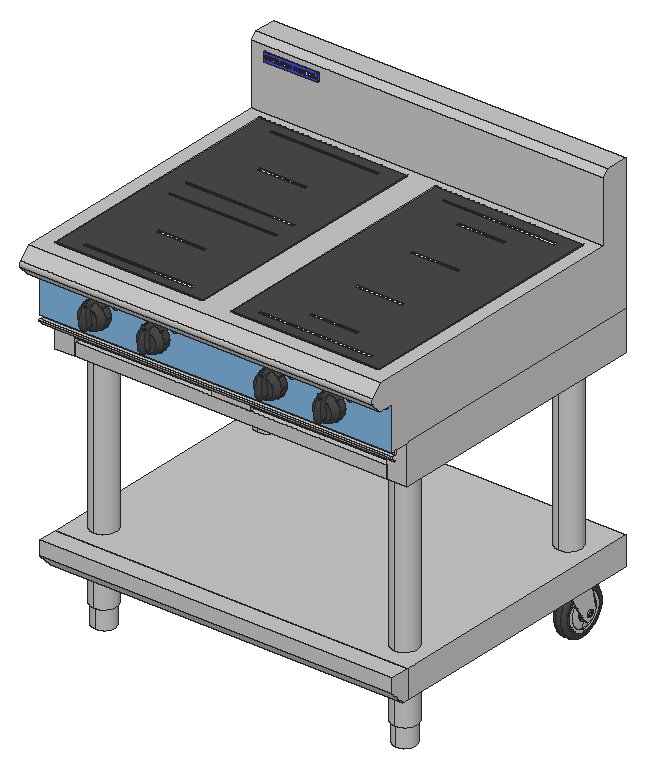
Revit family "QF_Moffat_IN514R5F-LS_Induction_Cooktop_cat", category Specialty Equipment, Revit 2019 (continued)
Definition of nested family "QF_LOGO_BLue Seal"
  Automatic sketch dimensions
    Extrusion 2 sketch curve to Extrusion 2 sketch curve = 4.362 mm
    Extrusion 2 sketch curve to Extrusion 2 sketch curve = 3.517 mm
    Extrusion 2 sketch curve to Extrusion 2 sketch curve = 3.787 mm  (x2)
    Extrusion 2 sketch curve to Extrusion 2 sketch curve = 4.787 mm  (x2)
    Extrusion 2 sketch curve to Extrusion 2 sketch curve = 4.588 mm  (x2)
    Extrusion 2 sketch curve to Extrusion 2 sketch curve = 1.798 mm
    Extrusion 2 sketch curve to Extrusion 2 sketch curve = 1.956 mm
    Extrusion 2 sketch curve to Extrusion 2 sketch curve = 3.735 mm
    Extrusion 2 sketch curve to Extrusion 2 sketch curve = 1.146 mm
    Extrusion 2 sketch curve to Extrusion 2 sketch curve = 3.631 mm
    Extrusion 2 sketch curve to Extrusion 2 sketch curve = 3.713 mm
    Extrusion 2 sketch curve to Extrusion 2 sketch curve = 0.959 mm
    Extrusion 2 sketch curve to Extrusion 2 sketch curve = 1.688 mm
    Extrusion 2 sketch curve to plane 7 "Center Y" = 3.94 mm
    plane 7 "Center Y" to Extrusion 2 sketch curve = 0.777 mm
    plane 7 "Center Y" to Extrusion 2 sketch curve = 0.845 mm
    plane 7 "Center Y" to Extrusion 2 sketch curve = 0.988 mm
    Extrusion 2 sketch curve to Extrusion 2 sketch curve = 7.327 mm
    Extrusion 2 sketch curve to Extrusion 2 sketch curve = 4.556 mm
    Extrusion 2 sketch curve to Extrusion 2 sketch curve = 3.087 mm
    Extrusion 2 sketch curve to Extrusion 2 sketch curve = 4.657 mm  (x2)
    Extrusion 2 sketch curve to Extrusion 2 sketch curve = 0.004 mm
    Extrusion 2 sketch curve to Extrusion 2 sketch curve = 0.996 mm
    Extrusion 2 sketch curve to Extrusion 2 sketch curve = 1.402 mm
    Extrusion 2 sketch curve to Extrusion 2 sketch curve = 5.025 mm
    Extrusion 2 sketch curve to Extrusion 2 sketch curve = 4.717 mm
    Extrusion 2 sketch curve to Extrusion 2 sketch curve = 4.785 mm
    Extrusion 2 sketch curve to Extrusion 2 sketch curve = 0.211 mm
    Extrusion 2 sketch curve to Extrusion 2 sketch curve = 2.578 mm
    Extrusion 2 sketch curve to Extrusion 2 sketch curve = 3.936 mm
    Extrusion 2 sketch curve to Extrusion 2 sketch curve = 0.5 mm  (x2)
    Extrusion 2 sketch curve to Extrusion 2 sketch curve = 1.76 mm
    Extrusion 2 sketch curve to Extrusion 2 sketch curve = 2.76 mm
    Extrusion 2 sketch curve to Extrusion 2 sketch curve = 3.875 mm
    Extrusion 2 sketch curve to Extrusion 2 sketch curve = 4.875 mm
    Extrusion 2 sketch curve to Extrusion 2 sketch curve = 1.717 mm
    level to Extrusion 2 sketch curve = 7.169 mm  (x6)
    level to Extrusion 2 sketch curve = 7.227 mm
    Extrusion 2 sketch curve to Extrusion 2 sketch curve = 0.003 mm
    Extrusion 2 sketch curve to Extrusion 2 sketch curve = 0.983 mm  (x2)
    Extrusion 2 sketch curve to Extrusion 2 sketch curve = 1.01 mm  (x2)
    Extrusion 2 sketch curve to Extrusion 2 sketch curve = 1.376 mm
    Extrusion 2 sketch curve to Extrusion 2 sketch curve = 0.588 mm
    Extrusion 2 sketch curve to Extrusion 2 sketch curve = 0.966 mm
    Extrusion 2 sketch curve to Extrusion 2 sketch curve = 2.037 mm  (x2)
    Extrusion 2 sketch curve to Extrusion 2 sketch curve = 0.772 mm  (x2)
    Extrusion 2 sketch curve to Extrusion 2 sketch curve = 1.539 mm
    Extrusion 2 sketch curve to Extrusion 2 sketch curve = 0.961 mm
    Extrusion 2 sketch curve to Extrusion 2 sketch curve = 1.28 mm  (x2)
    Extrusion 2 sketch curve to Extrusion 2 sketch curve = 1.878 mm
    Extrusion 2 sketch curve to Extrusion 2 sketch curve = 2.905 mm
    Extrusion 2 sketch curve to Extrusion 2 sketch curve = 3.969 mm
    Extrusion 2 sketch curve to Extrusion 2 sketch curve = 0.84 mm  (x2)
    Extrusion 2 sketch curve to Extrusion 2 sketch curve = 2.448 mm
    Extrusion 2 sketch curve to Extrusion 2 sketch curve = 2.202 mm
    Extrusion 2 sketch curve to Extrusion 2 sketch curve = 2.222 mm
    Extrusion 2 sketch curve to Extrusion 2 sketch curve = 1.332 mm
    Extrusion 2 sketch curve to Extrusion 2 sketch curve = 1.12 mm  (x2)
    Extrusion 2 sketch curve to Extrusion 2 sketch curve = 0.929 mm
    Extrusion 2 sketch curve to Extrusion 2 sketch curve = 1.051 mm  (x2)
    Extrusion 2 sketch curve to Extrusion 2 sketch curve = 5.129 mm  (x2)
    Extrusion 2 sketch curve to Extrusion 2 sketch curve = 4.147 mm
    Extrusion 2 sketch curve to Extrusion 2 sketch curve = 0.516 mm
    plane 3 "LEFT" to Extrusion 2 sketch curve = 3.555 mm
    plane 3 "LEFT" to Extrusion 3 sketch curve = 8.107 mm
    Extrusion 3 sketch curve to Extrusion 3 sketch curve = 0.182 mm
    level to Extrusion 3 sketch curve = 7.231 mm
    Extrusion 3 sketch curve to Extrusion 3 sketch curve = 3.969 mm
    Extrusion 4 sketch curve to plane 3 "LEFT" = 8.107 mm
    Extrusion 4 sketch curve to Extrusion 4 sketch curve = 0.088 mm
    Extrusion 4 sketch curve to level = 7.227 mm
    Extrusion 4 sketch curve to Extrusion 4 sketch curve = 3.972 mm
Definition of nested family "6 INCHES 02_CASTER"
  Parameters (values of type "6 INCHES 02_CASTER")
    Weight = ""
    URL Manufacturer = ""
    URL Cutsheet = ""
    URL = ""
    Type Mark [instance] = ""
    Specification by User [instance] = ""
    Specification by Manufacturer = ""
    Show Casters [instance] = yes
    Serial Number = ""
    Seismic Rating = ""
    SMACNA No = ""
    Revision Code [instance] = ""
    Omniclass Number and Title = ""
    NAFEM Spec ID Number = ""
    Model = ""
    MasterSpec. = ""
    Manufacturer = ""
    Item Number [instance] = ""
    Installed By [instance] = ""
    Identify Quantity as Lot [instance] = yes
    Furnished By [instance] = ""
    Foodservice Equipment Identifier [instance] = yes
    Description = ""
    CSI MasterFormat = ""
    CSI Master Format = ""
  Reference planes
    plane 1 "BACK": y = 0
    plane 2: z = 0
    plane 3 "LEFT": x = 0
    plane 4 "RIGHT": x = 0
    plane 5 "FRONT": y = 0
    plane 6 "TOP": z = 150
  Forms (mm)
    Revolve 1, solid, visible <- "Show Casters"
      sketch origin (-56.335, 0, -6.35) x (-1, 0, 0) y (0, 0, 1)
        loop
          line (-56.335, 152.4) -> (-56.335, 141.118) -> (-23.798, 141.118) -> (-23.798, 152.4) -> (-56.335, 152.4)
        axis (-56.335, 141.118) -> (-56.335, 152.4)
      angle from 0 to 360
    Extrusion 2, solid, visible <- "Show Casters"
      sketch origin (6.501, 53.083, -4.762) x (0, 1, 0) y (0, 0, 1)
        loop
          line (-85.799, 139.531) -> (-85.799, 133.181) -> (-42.478, 58.614)
          arc (-42.478, 58.614) -> (-16.638, 50.199) -> (-6.442, 75.39) r 19.923
          line (-6.442, 75.39) -> (-20.366, 139.531) -> (-85.799, 139.531)
      from 20.058 to 22.923
    Extrusion 3, solid, visible <- "Show Casters"
      sketch origin (0, 0, 146.05) x (0, 1, 0) y (-1, 0, 0)
        loop
          circle (0, 0) r 19.05
      from 0 to 3.95
    Extrusion 4, solid, visible <- "Show Casters"
      sketch origin (-6.501, 53.083, -4.762) x (0, 1, 0) y (0, 0, -1)
        loop
          line (-85.799, -133.181) -> (-85.799, -139.531) -> (-20.366, -139.531) -> (-6.442, -75.39)
          arc (-6.442, -75.39) -> (-16.638, -50.199) -> (-42.478, -58.614) r 19.923
          line (-42.478, -58.614) -> (-85.799, -133.181)
      from 20.058 to 22.923
    Extrusion 5, solid, visible <- "Show Casters"
      sketch origin (0, -3.253, 19.05) x (0, 1, 0) y (0, 0, 1)
        loop
          line (-29.464, 115.718) -> (-29.464, 109.368) -> (35.969, 109.368) -> (35.969, 115.718) -> (-29.464, 115.718)
      from -26.559 to 26.559
    Revolve 6, solid, visible <- "Show Casters"
      sketch origin (-49.213, 28.39, -3.252) x (1, 0, 0) y (0, 0, 1)
        loop
          line (14.841, 65.192) -> (14.841, 61.686) -> (16.111, 60.416) -> (17.635, 60.416) -> (17.635, 56.97) -> (29.782, 56.97) -> (29.782, 46.925) -> (33.069, 45.027) -> (36.232, 25.477) -> (32.544, 25.477) -> (32.544, 19.127) -> (33.338, 19.127) -> (33.338, 12.777)
          arc (33.338, 12.777) -> (36.127, 6.041) -> (42.863, 3.252) r 9.525
          line (42.863, 3.252) -> (55.563, 3.252)
          arc (55.563, 3.252) -> (62.298, 6.041) -> (65.088, 12.777) r 9.525
          line (65.088, 12.777) -> (65.088, 19.127) -> (65.881, 19.127) -> (65.881, 25.477) -> (62.193, 25.477) -> (65.371, 45.116) -> (68.644, 47.006) -> (68.644, 56.97) -> (80.79, 56.97) -> (80.79, 60.416) -> (82.314, 60.416) -> (83.584, 61.686) -> (83.584, 65.192) -> (14.841, 65.192)
        axis (14.841, 65.192) -> (83.584, 65.192)
      angle from 0 to 360
  Cuts and joins
    joined: Extrusion 2, Extrusion 4, Extrusion 5
  Lines and regions (mm)
    symbolic lines, visible <- "Show Casters"
      curve 1: line (11.652, 51.878, 0) -> (39.148, 36.003, 0)
      curve 2: line (-39.148, -36.11, 0) -> (-20.098, -3.115, 0)
      curve 3: line (-11.652, -51.985, 0) -> (-39.148, -36.11, 0)
      curve 4: line (39.148, 36.003, 0) -> (20.098, 3.007, 0)
      curve 5: line (-7.398, 18.882, 0) -> (11.652, 51.878, 0)
      curve 6: line (7.398, -18.99, 0) -> (-11.652, -51.985, 0)
  Dimensions and locks
    plane 6 "TOP" to level = 150 mm  (x2)
    aligned and locked: level to plane 2
Definition of nested family "Knob"
  Parameters (values of type "Knob")
    Weight in Pounds = 0
    URL Cutsheet = ""
    Specification by User = ""
    Specification by Manufacturer = ""
    Serial Number = ""
    Seismic Rating = ""
    SMACNA No = ""
    Revision Code = ""
    NAFEM Spec ID Number = ""
    Masterspec = ""
    Length = 65 mm
    Item Number = ""
    Installed By = ""
    Identify Quantity as Lot = yes
    Height = 69.5 mm
    Furnished By = ""
    Foodservice Equipment Identifier = yes
    Depth = 59 mm
    CSI MasterFormat = ""
  Reference planes
    plane 1 "BACK": y = 0
    plane 2: z = 0
    plane 3 "LEFT": x = 0
    plane 4 "RIGHT": x = 65
    plane 5 "FRONT": y = -59
    plane 6 "TOP": z = 69.5
    plane 7 "Center Y": x = 32.5
    plane 8 "Center X": y = -29.5
  Forms (mm)
    Revolve 1, solid
      sketch origin (32.5, 175.397, 1219.2) x (0, 1, 0) y (0, 0, 1)
        loop
          line (-175.397, -1186.7) -> (-219.397, -1186.7) -> (-219.397, -1211.501) -> (-202.106, -1219.2) -> (-185.397, -1219.2) -> (-185.397, -1191.7) -> (-175.397, -1191.7) -> (-175.397, -1186.7)
        axis (-219.397, -1186.7) -> (-175.397, -1186.7)
      angle from 0 to 360
    Extrusion 2, solid
      sketch origin (32.5, 175.397, 1219.2) x (0, 1, 0) y (0, 0, 1)
        loop
          line (-202.106, -1154.2) -> (-185.397, -1154.2) -> (-185.397, -1149.7) -> (-224.105, -1149.7)
          arc (-224.105, -1149.7) -> (-233.965, -1178.467) -> (-230.696, -1208.7) r 70
          line (-230.696, -1208.7) -> (-219.397, -1208.7) -> (-219.397, -1161.899) -> (-202.106, -1154.2)
      from -15 to 15
    Extrusion 3, void
      sketch origin (0, 0, 0) x (1, 0, 0) y (0, 0, 1)
        loop
          line (27.501, 64.613) -> (22.02, 20.585)
          arc (22.02, 20.585) -> (32.792, 10.488) -> (42.986, 21.169) r 10.487
          line (42.986, 21.169) -> (37.499, 64.613)
          arc (37.499, 64.613) -> (32.5, 69.5) -> (27.501, 64.613) r 5
        loop
          line (10, 72.977) -> (10, 5.625) -> (55, 5.625) -> (55, 72.977) -> (10, 72.977)
      from 6.142 to 69.687
    Extrusion 4, solid
      sketch origin (0, -34.115, -16.916) x (1, 0, 0) y (0, 0.45399, 0.891007)
        loop
          circle (32.497, 65) r 2
      from 51.525 to 53.075
    Extrusion 5, solid
      sketch origin (32.5, -10, 32.5) x (0, 0, -1) y (-1, 0, 0)
        loop
          line (-23.54, -22.408) -> (-24.106, -22.974)
          arc (-24.106, -22.974) -> (-23.547, -23.547) -> (-22.974, -24.106) r 33.3
          line (-22.974, -24.106) -> (-22.408, -23.54)
          arc (-22.408, -23.54) -> (-22.981, -22.981) -> (-23.54, -22.408) r 32.5
        loop
          arc (-0.8, -33.29) -> (0, -33.3) -> (0.8, -33.29) r 33.3
          line (0.8, -33.29) -> (0.8, -32.49)
          arc (0.8, -32.49) -> (0, -32.5) -> (-0.8, -32.49) r 32.5
          line (-0.8, -32.49) -> (-0.8, -33.29)
        loop
          arc (23.54, -22.408) -> (22.981, -22.981) -> (22.408, -23.54) r 32.5
          line (22.408, -23.54) -> (22.974, -24.106)
          arc (22.974, -24.106) -> (23.547, -23.547) -> (24.106, -22.974) r 33.3
          line (24.106, -22.974) -> (23.54, -22.408)
        loop
          arc (-23.54, 22.408) -> (-22.981, 22.981) -> (-22.408, 23.54) r 32.5
          line (-22.408, 23.54) -> (-22.974, 24.106)
          arc (-22.974, 24.106) -> (-23.547, 23.547) -> (-24.106, 22.974) r 33.3
          line (-24.106, 22.974) -> (-23.54, 22.408)
        loop
          line (-0.8, 33.29) -> (-0.8, 32.49)
          arc (-0.8, 32.49) -> (0, 32.5) -> (0.8, 32.49) r 32.5
          line (0.8, 32.49) -> (0.8, 33.29)
          arc (0.8, 33.29) -> (0, 33.3) -> (-0.8, 33.29) r 33.3
        loop
          line (32.49, -0.8) -> (33.29, -0.8)
          arc (33.29, -0.8) -> (33.3, 0) -> (33.29, 0.8) r 33.3
          line (33.29, 0.8) -> (32.49, 0.8)
          arc (32.49, 0.8) -> (32.5, 0) -> (32.49, -0.8) r 32.5
        loop
          arc (24.106, 22.974) -> (23.547, 23.547) -> (22.974, 24.106) r 33.3
          line (22.974, 24.106) -> (22.408, 23.54)
          arc (22.408, 23.54) -> (22.981, 22.981) -> (23.54, 22.408) r 32.5
          line (23.54, 22.408) -> (24.106, 22.974)
      from 0 to -16.709
  Cuts and joins
    Extrusion 3 cuts Extrusion 2
  Dimensions and locks
    equal spacing: plane 3 "LEFT", plane 7 "Center Y", plane 4 "RIGHT"
    "Length": plane 3 "LEFT" to plane 4 "RIGHT"
    equal spacing: plane 5 "FRONT", plane 8 "Center X", plane 1 "BACK"
    "Depth": plane 5 "FRONT" to plane 1 "BACK"
    "Height": plane 6 "TOP" to level
    plane 4 "RIGHT" to plane 3 "LEFT" = 65 mm
    aligned and locked: level to plane 2
  Automatic sketch dimensions
    Revolve 1 sketch curve to level = 0 mm
    Revolve 1 sketch curve to plane 1 "BACK" = 0 mm  (x2)
    plane 1 "BACK" to Revolve 1 sketch curve = 10 mm
    plane 8 "Center X" to Revolve 1 sketch curve = 2.791 mm
    Revolve 1 sketch curve to plane 8 "Center X" = 14.5 mm
    level to Revolve 1 sketch curve = 7.699 mm
    level to Revolve 1 sketch curve = 27.5 mm
    Revolve 1 sketch curve to Revolve 1 sketch curve = 5 mm
    Revolve 1 sketch curve to Revolve 1 sketch curve = 35 mm
    Revolve 1 sketch curve to Revolve 1 sketch curve = 0 mm
    Extrusion 2 sketch curve to plane 6 "TOP" = 0 mm
    Extrusion 2 sketch curve to plane 5 "FRONT" = 3.702 mm
    Extrusion 2 sketch curve to plane 5 "FRONT" = 10.293 mm
    Extrusion 2 sketch curve to Extrusion 2 sketch curve = 11.298 mm
    plane 8 "Center X" to Extrusion 2 sketch curve = 2.791 mm
    plane 1 "BACK" to Extrusion 2 sketch curve = 10 mm
    Extrusion 2 sketch curve to plane 1 "BACK" = 11 mm
    Extrusion 2 sketch curve to plane 6 "TOP" = 4.5 mm
    Extrusion 2 sketch curve to plane 6 "TOP" = 12.199 mm
    level to Extrusion 2 sketch curve = 32.962 mm
    level to Extrusion 3 sketch curve = 5.625 mm
    Extrusion 3 sketch curve to plane 7 "Center Y" = 0 mm  (x2)
    Extrusion 3 sketch curve to plane 7 "Center Y" = 4.999 mm
    Extrusion 3 sketch curve to plane 7 "Center Y" = 10.48 mm
    plane 6 "TOP" to Extrusion 3 sketch curve = 3.477 mm
    plane 3 "LEFT" to Extrusion 3 sketch curve = 10 mm
    Extrusion 3 sketch curve to plane 6 "TOP" = 4.887 mm
    Extrusion 3 sketch curve to Extrusion 3 sketch curve = 4.999 mm
    plane 7 "Center Y" to Extrusion 3 sketch curve = 10.486 mm
    level to Extrusion 3 sketch curve = 20.585 mm
    Extrusion 3 sketch curve to Extrusion 3 sketch curve = 0.387 mm
    Extrusion 3 sketch curve to Extrusion 3 sketch curve = 0.113 mm
    plane 4 "RIGHT" to Extrusion 3 sketch curve = 10 mm
    Extrusion 5 sketch curve to Revolve 1 = 32.49 mm
    Revolve 1 to Extrusion 5 sketch curve = 32.49 mm
    Extrusion 5 sketch curve to Revolve 1 = 23.54 mm  (x2)
    Revolve 1 to Extrusion 5 sketch curve = 23.54 mm  (x2)
    Extrusion 5 sketch curve to Revolve 1 = 24.106 mm  (x2)
    Revolve 1 to Extrusion 5 sketch curve = 24.106 mm  (x2)
    Revolve 1 to Extrusion 5 sketch curve = 22.408 mm  (x2)
    Extrusion 5 sketch curve to Revolve 1 = 22.408 mm  (x2)
    Revolve 1 to Extrusion 5 sketch curve = 22.974 mm  (x2)
    Extrusion 5 sketch curve to Revolve 1 = 22.974 mm  (x2)
    Extrusion 5 sketch curve to Extrusion 5 sketch curve = 1.6 mm  (x2)
    Revolve 1 to Extrusion 5 sketch curve = 0.8 mm
    Extrusion 5 sketch curve to Revolve 1 = 0.8 mm
    Extrusion 4 sketch curve to plane 7 "Center Y" = 0.003 mm
    radius of Extrusion 5 sketch curve to Revolve 1 = 0 mm  (x7)
    radius of Revolve 1 to Extrusion 5 sketch curve = 0.8 mm  (x7)
    radius of Extrusion 4 sketch curve = 2 mm
